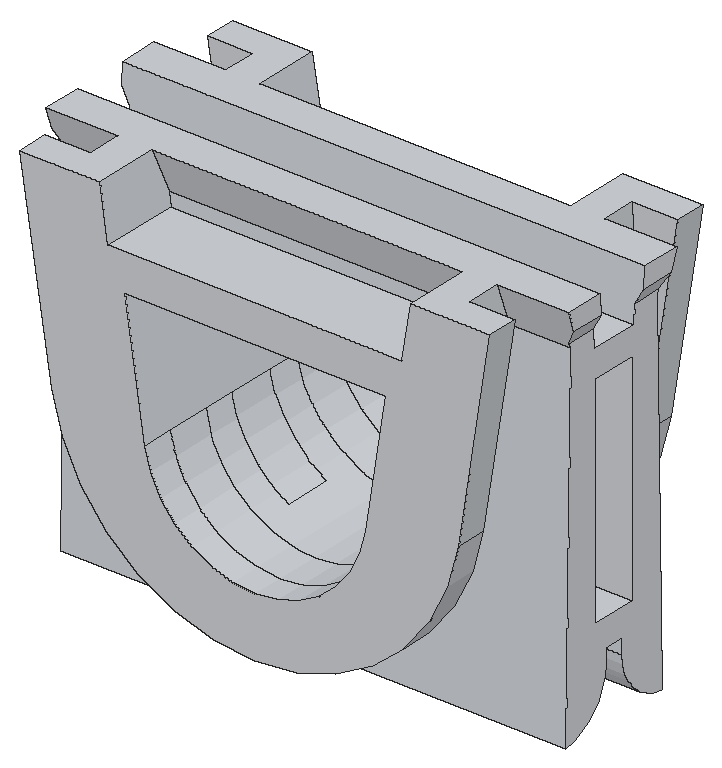
Revit family "Gira_001330", category Electrical Fixtures, Revit 2017
Family settings
  Maintain Annotation Orientation = No
  Round Connector Dimension = Use Diameter
  Part Type = Normal
  Work Plane-Based = No
  Always vertical = Yes
  Cut with Voids When Loaded = No
  Shared = No
  Room Calculation Point = No
Parameters (values of type "Connector WP SM grey")
  URL = "https://www.gira.de/"
  Type Comments = ""
  Suitable for built-up box flush-mounted switching equipment = no
  Model = "Coupling piece"
  Manufacturer = "Gira"
  Keynote = ""
  HeinzeBIM = "https://www.heinze.de/bim/connector-wp-sm-grey/0122b16c1ecfa36c0f6ed0cc1d6aa52c0234e6ab"
  HAN = "001330"
  GTIN = "4010337013303"
  Description = "Connector WP SM GY Connector,grey Features: - For coupling several devices."
  Cost = 0
  Colour = "Grey"
  BIMSITE_PRODUCT_ID = "0122b16c1ecfa36c0f6ed0cc1d6aa52c0234e6ab"
  BIM = "https://media.live.bim.site/t/eyJhbGciOiJIUzI1NiIsInR5cCI6IkpXVCJ9.eyJjdCI6MSwidGYiOiJwdWJsaWMvZ2lyYS8wOWY1ZGI1L0dpcmFfMDAxMzMwLnJmYSIsImNpZCI6ImZlZDk4ZTlhLTFiZDgtNGM2OC1hNzNiLTc0YTk0ZTMxNTgyMyIsInJpZCI6IjM3MjQ2ZmUxMTViYjg3MTI0NDFlOGYxMTliNDJlZjc5IiwicGlkIjoiMDEyMmIxNmMxZWNmYTM2YzBmNmVkMGNjMWQ2YWE1MmMwMjM0ZTZhYiIsInNpZCI6IjYzNDcwIiwidXQiOjUsImxjIjoiZW4iLCJpYXQiOjE2MDc1MjQxNDEsImlzcyI6Imh0dHBzOi8vYXBpLmxpdmUuYmltLnNpdGUiLCJzdWIiOiI4ZDNhYTVjYi1lMDY2LTQ1OTgtYmUxNi02ZTE2ZWU3NDk1NmEifQ.lJE9_p1MCuwSRBIyisiaHyLSa9Ejaf1fSeDOhXKkpWg/Gira_001330.rfa"
  Assembly Code = ""
Reference planes
  plane 1 "Center (Front/Back)": y = 0
  plane 2: z = 774.589
  plane 3 "Center (Left/Right)": x = 0
Forms (mm)
  Extrusion 1, solid, detail levels fine
    sketch origin (0, 0, 0) x (0, 1, 0) y (0, 0, 1)
      loop
        line (-2.06, 774.589) -> (-4.977, 774.589) -> (-3.977, 771.589) -> (-4.436, 745.303)
        arc (-4.436, 745.303) -> (-1.847, 746.555) -> (-0.767, 749.219) r 4
        line (-0.767, 749.219) -> (-0.748, 750.339) -> (0.748, 750.339) -> (0.767, 749.219)
        arc (0.767, 749.219) -> (1.847, 746.555) -> (4.436, 745.303) r 4
        line (4.436, 745.303) -> (3.977, 771.589) -> (4.977, 774.589) -> (2.06, 774.589) -> (1.85, 770.589) -> (-1.85, 770.589) -> (-2.06, 774.589)
      loop
        line (-1.75, 752.339) -> (1.75, 752.339) -> (1.75, 768.589) -> (-1.75, 768.589) -> (-1.75, 752.339)
    from -24 to 22.933
  Extrusion 2, void
    sketch origin (0, 0, 0) x (1, 0, 0) y (0, 0, 1)
      loop
        line (-30.709, 774.589) -> (-30.709, 741.862) -> (27.526, 741.862) -> (27.526, 774.589) -> (19.3, 774.589) -> (19.3, 773.089) -> (18.65, 771.963) -> (18.65, 745.303) -> (-18.65, 745.303) -> (-18.65, 771.963) -> (-19.3, 773.089) -> (-19.3, 774.589) -> (-30.709, 774.589)
      loop
        arc (-8.148, 758.299) -> (0, 751.339) -> (8.148, 758.299) r 8.25
        line (8.148, 758.299) -> (9.66, 767.839) -> (-9.66, 767.839) -> (-8.148, 758.299)
    from -15 to 15
  Extrusion 3, solid, detail levels fine
    sketch origin (0, 0, 0) x (1, 0, 0) y (0, 0, 1)
      loop
        arc (-15.013, 759.711) -> (0, 746.889) -> (15.013, 759.711) r 15.2
        line (15.013, 759.711) -> (17.369, 774.589) -> (11.5, 774.589) -> (10.866, 770.589) -> (-10.866, 770.589) -> (-11.5, 774.589) -> (-17.369, 774.589) -> (-15.013, 759.711)
      loop
        line (9.66, 767.839) -> (-9.66, 767.839) -> (-8.148, 758.299)
        arc (-8.148, 758.299) -> (0, 751.339) -> (8.148, 758.299) r 8.25
        line (8.148, 758.299) -> (9.66, 767.839)
    from 7.5 to 9.8
  Extrusion 4, solid, detail levels fine
    sketch origin (0, 0, 0) x (1, 0, 0) y (0, 0, -1)
      loop
        line (-15.013, -759.711) -> (-17.369, -774.589) -> (-11.5, -774.589) -> (-10.866, -770.589) -> (10.866, -770.589) -> (11.5, -774.589) -> (17.369, -774.589) -> (15.013, -759.711)
        arc (15.013, -759.711) -> (0, -746.889) -> (-15.013, -759.711) r 15.2
      loop
        line (9.66, -767.839) -> (8.148, -758.299)
        arc (8.148, -758.299) -> (0, -751.339) -> (-8.148, -758.299) r 8.25
        line (-8.148, -758.299) -> (-9.66, -767.839) -> (9.66, -767.839)
    from 7.5 to 9.8
  Extrusion 5, solid, detail levels fine
    sketch origin (0, 0, 0) x (1, 0, 0) y (0, 0, 1)
      loop
        line (-11.5, 774.589) -> (-14, 774.589) -> (-14.12, 771.344) -> (-12.344, 760.134)
        arc (-12.344, 760.134) -> (-8.117, 752.585) -> (0, 749.589) r 12.5
        arc (0, 749.589) -> (8.117, 752.585) -> (12.344, 760.134) r 12.5
        line (12.344, 760.134) -> (14.12, 771.344) -> (14, 774.589) -> (11.5, 774.589) -> (10.866, 770.589) -> (-10.866, 770.589) -> (-11.5, 774.589)
      loop
        line (9.66, 767.839) -> (-9.66, 767.839) -> (-8.148, 758.299)
        arc (-8.148, 758.299) -> (0, 751.339) -> (8.148, 758.299) r 8.25
        line (8.148, 758.299) -> (9.66, 767.839)
    from 3.348 to 7.5
  Extrusion 6, solid, detail levels fine
    sketch origin (0, 0, 0) x (1, 0, 0) y (0, 0, -1)
      loop
        line (-11.5, -774.589) -> (-10.866, -770.589) -> (10.866, -770.589) -> (11.5, -774.589) -> (14, -774.589) -> (14.12, -771.344) -> (12.344, -760.134)
        arc (12.344, -760.134) -> (8.117, -752.585) -> (0, -749.589) r 12.5
        arc (0, -749.589) -> (-8.117, -752.585) -> (-12.344, -760.134) r 12.5
        line (-12.344, -760.134) -> (-14.12, -771.344) -> (-14, -774.589) -> (-11.5, -774.589)
      loop
        line (9.66, -767.839) -> (8.148, -758.299)
        arc (8.148, -758.299) -> (0, -751.339) -> (-8.148, -758.299) r 8.25
        line (-8.148, -758.299) -> (-9.66, -767.839) -> (9.66, -767.839)
    from 3.348 to 7.5
  Extrusion 7, solid, detail levels fine
    sketch origin (0, 0, 0) x (1, 0, 0) y (0, 0, 1)
      loop
        line (9.66, 767.839) -> (-9.66, 767.839) -> (-8.148, 758.299)
        arc (-8.148, 758.299) -> (0, 751.339) -> (8.148, 758.299) r 8.25
        line (8.148, 758.299) -> (9.66, 767.839)
      loop
        line (-9.493, 750.806) -> (9.493, 750.806) -> (12.309, 768.589) -> (-12.309, 768.589) -> (-9.493, 750.806)
    from -1.75 to 1.75
  Extrusion 8, solid, detail levels coarse
    sketch origin (0, 0, 0) x (1, 0, 0) y (0, 0, 1)
      loop
        line (-19.3, 774.589) -> (-19.3, 744.589) -> (19.3, 744.589) -> (19.3, 774.589) -> (-19.3, 774.589)
    from -9.8 to 9.8
  Extrusion 9, solid, detail levels medium
    sketch origin (0, 0, 0) x (0, 1, 0) y (0, 0, 1)
      loop
        line (4.436, 745.303) -> (4.436, 774.589) -> (1.75, 774.589) -> (1.75, 745.303) -> (4.436, 745.303)
      loop
        line (-4.436, 745.303) -> (-1.75, 745.303) -> (-1.75, 774.589) -> (-4.436, 774.589) -> (-4.436, 745.303)
    from -19.3 to 19.3
  Extrusion 10, solid, detail levels medium
    sketch origin (0, 0, 0) x (1, 0, 0) y (0, 0, 1)
      loop
        arc (-15.013, 759.711) -> (0, 746.889) -> (15.013, 759.711) r 15.2
        line (15.013, 759.711) -> (17.369, 774.589) -> (11.5, 774.589) -> (10.866, 770.589) -> (-10.866, 770.589) -> (-11.5, 774.589) -> (-17.369, 774.589) -> (-15.013, 759.711)
    from -9.8 to 9.8
Cuts and joins
  Extrusion 2 cuts Extrusion 1
  joined: Extrusion 1, Extrusion 3, Extrusion 4, Extrusion 5, Extrusion 6, Extrusion 7
  joined: Extrusion 9, Extrusion 10
Dimensions and locks
  aligned and locked: level to plane 2
